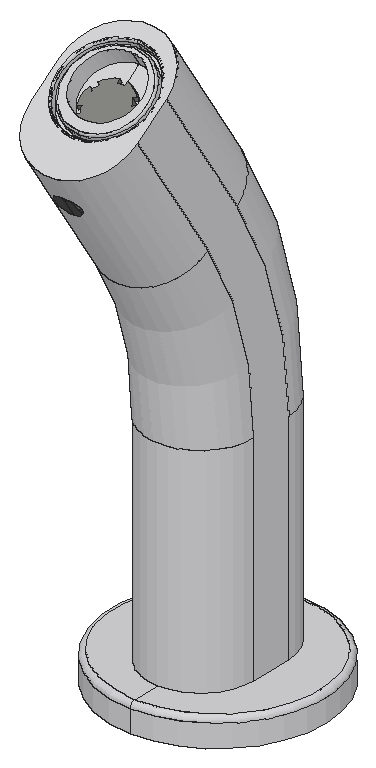
Revit family "Faucet_Touchless-Wall_Mount-Lavatory-KOHLER-Oblo-K-8398T_1", category Plumbing Fixtures, host Face, Revit 2021
Family settings
  Host = Face
  Round Connector Dimension = Use Diameter
  Part Type = Normal
  OmniClass Number = 23.31.11.00
  OmniClass Title = Faucets
  Cut with Voids When Loaded = No
  Shared = No
  Room Calculation Point = No
Parameters (values of type "Without Power Box, CP-Polished Chrome")
  Width = 2 73/256"  # constant formula
  WaterSense Certified = 1 = 0  # no
  Waste Water Outlet = "Waste Water Outlet"  # constant formula
  Waste Connection = 1 = 0  # no
  Voltage = 220 V  # constant formula
  Vent Connection = 1 = 0  # no
  URL = "http://www.kohler.com.cn/"
  Type = 1
  Spout Reach = 6 1/8"  # constant formula
  Product Page URL = "https://www.kohler.com.cn/product/K-8398T-NW/K-8398T-NW-CP/"
  Product Name = "Oblo"  # constant formula
  Product Documentation Link = "https://files.kohler.com.cn/pdfs/1655384257807_K-8398T-NW-CP.pdf"
  Pressure = 60.00 psi  # constant formula
  Model = if(Type = 1, "K-8398T-NW-CP", if(Type = 2, "K-8398T-CP", "NA"))  # "K-8398T-NW-CP"
  Material = "Brass Construction"  # constant formula
  Master Format 2014 Name = "Residential Faucets, Supplies, and Trim"  # constant formula
  Master Format 2014 = "22 41 39"  # constant formula
  Manufacturer Address = "Kohler Beijing Office (100016)36-2-03-B, No. 88, Liuxiang Road, Beijing"  # constant formula
  Manufacturer = "Kohler Co."  # constant formula
  Length = Spout Reach  # 6 1/8"
  Hot Water Inlet = "Hot Water Inlet"  # constant formula
  Height = 2 73/256"  # constant formula
  HW Connection = 1 = 0  # no
  Flow Rate = 0.5 GPM  # constant formula
  Finish = Kohler-Metal-CP-Polished_Chrome
  Environmental Product Declaration = ""
  Electrical Note = "One Dedicated Circuit Required"  # constant formula
  Electrical Connector = 1 = 1  # yes
  Drain Included = 1 = 1  # yes
  Description = if(or(Type = 1), "wall outlet faucet single cooling, 1.9 liters (without power box)", if(or(Type = 2), "Wall water sensor faucet AC (single cooled type with AC power box)", "NA"))  # "wall outlet faucet single cooling, 1.9 liters (without power box)"
  Default Elevation = 36"
  Declare Label = ""
  Date Modified = "12/08/2022"  # constant formula
  Date Created = "11/27/2020"  # constant formula
  Copyright = "Copyright Kohler Co."  # constant formula
  Contact Us = "http://www.kohler.com.cn/contact/contact-us/"
  Cold Water Inlet = "Cold Water Inlet"  # constant formula
  CW Connection = 1 = 1  # yes
  Assembly Code = "D2010"
  Apparent Load = 0 VA
  ADA Compliant = 1 = 0  # no
Types (3): name | Type | Product Page URL | Product Documentation Link | Model | Description
  (no name) | 1 | "https://www.kohler.com.cn/product/K-8398T-NW/K-8398T-NW-CP/" | "https://files.kohler.com.cn/pdfs/1655384257807_K-8398T-NW-CP.pdf" | "K-8398T-NW-CP" | "wall outlet faucet single cooling, 1.9 liters (without power box)"
  Without Power Box, CP-Polished Chrome | 1 | "https://www.kohler.com.cn/product/K-8398T-NW/K-8398T-NW-CP/" | "https://files.kohler.com.cn/pdfs/1655384257807_K-8398T-NW-CP.pdf" | "K-8398T-NW-CP" | "wall outlet faucet single cooling, 1.9 liters (without power box)"
  With Power Box, CP-Polished Chrome | 2 | "https://www.kohler.com.cn/product/K-8398T-CP/K-8398T-CP/" | "https://files.kohler.com.cn/pdfs/8396t_8398t.pdf" | "K-8398T-CP" | "Wall water sensor faucet AC (single cooled type with AC power box)"
Reference planes (in)
  plane 1 "Center (Front/Back)": y = 0
  plane 2: z = 0
  plane 3 "Center (Left/Right)": x = 0
  plane 4: y = -1.14173
  plane 5: y = 1.14342
  plane 6: x = 1.14342
  plane 7: x = -1.14173
  plane 8: y = -2.22255
  plane 9: through (0, 1.16019, 1.97958) normal (0, 0.8368, 0.5476)
  plane 10: z = 6.125
  plane 11: z = 6.57314
  plane 12: y = -1.56348
Dimensions and locks (in)
  "Width": plane 7 to plane 6
  "Height": plane 5 to plane 4
  "Length": plane 10 to level
  plane 11 to level = 6.57314"
  plane 1 "Center (Front/Back)" to plane 12 = 1.56348"
  aligned and locked: plane 2 to host face
  aligned and locked: level to host face
Automatic sketch dimensions
  host sketch curve to host sketch curve = 96"  (x2)
Nested families (in)
  nested 1: "K-8398T" at (0, 0, 0) x (1, 0, 0) z (0, 1, 0), type "K-8398T"
Connectors (in)
  piping at (0, 0, 0), diameter 0.375, driven by "Flow Rate", driven by "Pressure", driven by "CW Connection", driven by "Cold Water Inlet"
    settings: on nested 1, index 1, connector inside diameter 24", connector length 0", flow factor 0, pipe flow 0.5 GPM, pressure drop 60.00 psi, fitting loss kfactor 0, connector angle 0.00°, fixture units 0, engagement length 0", angle of deflection 0.00°, flow configuration 1, flow direction 1, fitting loss method 4, system type 20, joint type 0, gender type 0, connector reference index -1, connector utility 1, adjustable connector no, is connector primary yes, connector description "Cold Water Inlet"
  electrical at (0, 0.46752, 0), driven by "Voltage", driven by "Electrical Connector", driven by "Electrical Note"
    settings: on nested 1, index 2, voltage 220 V, apparent load 0 VA, apparent load phase1 0 VA, apparent load phase2 0 VA, apparent load phase3 0 VA, power factor 1, load classification "Power", number of poles 1, system type 30, power factor state 1, is connector primary yes, connector utility yes, sub classification motor no, connector description "One Dedicated Circuit Required"
Definition of nested family "K-8398T"
  Parameters (values of type "K-8398T")
    Material = none
    Default Elevation = 48"
  Reference planes (in)
    plane 1 "Center (Front/Back)": y = 0
    plane 2: z = 0
    plane 3 "Center (Left/Right)": x = 0
    plane 4: x = 1.14173
    plane 5: y = -6.14173
    plane 6: x = -1.14173
    plane 7: x = -0.55118
    plane 8: x = 0.55118
    plane 9: y = -6.29921
    plane 10: z = 1.14173
    plane 11: z = -1.14173
    plane 12: through (0, -6.11003, -1.54266) normal (0, 0.5476, -0.8368)
    plane 13: through (0, -5.73839, -1.12175) normal (0, -0.5476, 0.8368)
    plane 14: through (0, -5.71055, -2.22258) normal (0, 0.8368, 0.5476)
    plane 15: y = 0
    plane 16: y = -0.29528
    plane 17: z = 0
    plane 18: z = -2.22255
    plane 19: y = -6.57314
    plane 20: z = 0.46752
  Forms (in)
    Sweep 1, solid, material <- "Material", detail levels medium+fine
      path origin (0, 0, 0) x (0, 1, 0) y (0, 0, 1)
        loop
          line (-0.29528, 0) -> (-2.57852, 0)
          arc (-2.57852, 0) -> (-3.70326, -0.16408) -> (-4.73425, -0.64264) r 3.93701
          line (-4.73425, -0.64264) -> (-6.14173, -1.56365)
      profile origin (0, -1.4369, 0) x (0, 0, -1) y (1, 0, 0)
        loop
          line (0.22644, 0.56102) -> (-0.22686, 0.56102)
          arc (-0.22686, 0.56102) -> (-0.78788, 0) -> (-0.22686, -0.56102) r 0.56102
          line (-0.22686, -0.56102) -> (0.22644, -0.56102)
          arc (0.22644, -0.56102) -> (0.78746, 0) -> (0.22644, 0.56102) r 0.56102
    Revolve 2, void
      sketch origin (0, 0, 0) x (0, 1, 0) y (0, 0, 1)
        loop
          arc (-6.44585, -1.04195) -> (-6.46437, -1.0475) -> (-6.48296, -1.0422) r 0.03443
          line (-6.48296, -1.0422) -> (-6.51623, -1.06381) -> (-6.47341, -1.12975) -> (-6.4399, -1.10799)
          arc (-6.4399, -1.10799) -> (-6.43716, -1.08906) -> (-6.42467, -1.07456) r 0.03418
          line (-6.42467, -1.07456) -> (-6.3689, -1.03834) -> (-6.39008, -1.00573) -> (-6.44585, -1.04195)
        axis (-6.12512, -1.41372) -> (-6.24038, -1.48857)
      angle from 0 to 360
    Revolve 3, solid, material <- "Material", detail levels medium+fine
      sketch origin (0, 0, 0) x (0, 1, 0) y (0, 0, 1)
        loop
          line (0, 0) -> (0, 1.14173) -> (-0.23792, 1.14173)
          arc (-0.23792, 1.14173) -> (-0.27848, 1.12493) -> (-0.29528, 1.08438) r 0.05735
          line (-0.29528, 1.08438) -> (-0.29528, 0) -> (0, 0)
        axis (-0.29528, 0) -> (0, 0)
      angle from 0 to 360
    Revolve 4, void
      sketch origin (0, 0, 0) x (0, 1, 0) y (0, 0, 1)
        loop
          line (-6.25376, -1.03191) -> (-6.46371, -1.1693) -> (-6.26803, -1.46834) -> (-6.05808, -1.33095) -> (-6.25376, -1.03191)
        axis (-6.05808, -1.33095) -> (-6.26803, -1.46834)
      angle from 0 to 360
    Extrusion 5, solid, detail levels medium+fine
      sketch origin (0, -5.7309, -2.19148) x (0, 0.547556, -0.836769) y (-1, 0, 0)
        loop
          arc (-1.01265, 0.04012) -> (-1.01441, 0.00075) -> (-1.01265, -0.03862) r 0.44167
          line (-1.01265, -0.03862) -> (-1.05253, -0.03862)
          arc (-1.05253, -0.03862) -> (-1.01649, -0.13132) -> (-0.95422, -0.20889) r 0.32681
          line (-0.95422, -0.20889) -> (-0.93428, -0.17435)
          arc (-0.93428, -0.17435) -> (-0.90291, -0.19875) -> (-0.86609, -0.21372) r 0.14506
          line (-0.86609, -0.21372) -> (-0.88603, -0.24826)
          arc (-0.88603, -0.24826) -> (-0.78772, -0.26542) -> (-0.68942, -0.24826) r 0.29015
          line (-0.68942, -0.24826) -> (-0.70936, -0.21372)
          arc (-0.70936, -0.21372) -> (-0.67316, -0.19769) -> (-0.64117, -0.17435) r 0.18613
          line (-0.64117, -0.17435) -> (-0.62123, -0.20889)
          arc (-0.62123, -0.20889) -> (-0.54183, 0.00075) -> (-0.62123, 0.2104) r 0.31649
          line (-0.62123, 0.2104) -> (-0.64117, 0.17586)
          arc (-0.64117, 0.17586) -> (-0.67283, 0.19976) -> (-0.70936, 0.21523) r 0.16177
          line (-0.70936, 0.21523) -> (-0.68942, 0.24977)
          arc (-0.68942, 0.24977) -> (-0.78772, 0.26883) -> (-0.88603, 0.24977) r 0.26301
          line (-0.88603, 0.24977) -> (-0.86609, 0.21523)
          arc (-0.86609, 0.21523) -> (-0.90241, 0.1994) -> (-0.93428, 0.17586) r 0.1765
          line (-0.93428, 0.17586) -> (-0.95422, 0.2104)
          arc (-0.95422, 0.2104) -> (-1.018, 0.13371) -> (-1.05253, 0.04012) r 0.29455
          line (-1.05253, 0.04012) -> (-1.01265, 0.04012)
      from 0.13918 to 0.1967
    Revolve 6, solid, material <- "Material", detail levels coarse
      sketch origin (0, 0, 0) x (0, 1, 0) y (0, 0, 1)
        loop
          line (0, 0) -> (0, 1.16019) -> (-0.23853, 1.16019)
          arc (-0.23853, 1.16019) -> (-0.28674, 1.14022) -> (-0.30671, 1.09201) r 0.06818
          line (-0.30671, 1.09201) -> (-0.30671, 0) -> (0, 0)
        axis (-0.30671, 0) -> (0, 0)
      angle from 0 to 360
    Sweep 7, solid, material <- "Material", detail levels coarse
      path origin (0, 0, 0) x (0, 1, 0) y (0, 0, 1)
        loop
          line (-0.29528, 0.00021) -> (-2.28517, 0.00021)
          arc (-2.28517, 0.00021) -> (-3.6911, -0.20489) -> (-4.97984, -0.80309) r 4.92126
          line (-4.97984, -0.80309) -> (-6.14185, -1.56348)
      profile origin (0, -1.29022, 0.00021) x (0, 0, -1) y (1, 0, 0)
        loop
          line (-0.22665, -0.63976) -> (0.22665, -0.63976)
          arc (0.22665, -0.63976) -> (0.86641, 0) -> (0.22665, 0.63976) r 0.63976
          line (0.22665, 0.63976) -> (-0.22665, 0.63976)
          arc (-0.22665, 0.63976) -> (-0.86641, 0) -> (-0.22665, -0.63976) r 0.63976
    Extrusion 8, solid, material <- "Material", detail levels medium+fine
      sketch origin (0, 0, 0) x (1, 0, 0) y (0, 0, 1)
        loop
          circle (0, 0) r 0.11811
        loop
          circle (0, 0.46752) r 0.11811
      from 0 to 0.04129
    Revolve 9, void
      sketch origin (0, 0, 0) x (0, 1, 0) y (0, 0, 1)
        loop
          line (-5.5192, -1.93851) -> (-5.4102, -2.09418) -> (-5.29767, -2.01538) -> (-5.40667, -1.85971) -> (-5.5192, -1.93851)
        axis (-5.29767, -2.01538) -> (-5.40667, -1.85971)
      angle from 0 to 360
    Revolve 10, solid, detail levels medium+fine
      sketch origin (0, 0, 0) x (0, 1, 0) y (0, 0, 1)
        loop
          line (-5.5192, -1.93851) -> (-5.44009, -2.05149) -> (-5.32756, -1.97269) -> (-5.40667, -1.85971) -> (-5.5192, -1.93851)
        axis (-5.40667, -1.85971) -> (-5.32756, -1.97269)
      angle from 0 to 360
  Cuts and joins
    Revolve 2, Revolve 4, Revolve 9 cuts Sweep 1
    joined: Sweep 1, Revolve 3
    Revolve 2, Revolve 4 cuts Sweep 7
    joined: Revolve 6, Sweep 7
  Lines and regions (in)
    Masking region 1
      outline origin (0, 0, 0) x (1, 0, 0) y (0, 1, 0)
        loop
          line (-1.14173, 0) -> (-1.14173, -0.23622)
          arc (-1.14173, -0.23622) -> (-1.12444, -0.27798) -> (-1.08268, -0.29528) r 0.05906
          line (-1.08268, -0.29528) -> (-0.55118, -0.29528) -> (-0.55118, -5.9664)
          spline (-0.55118, -5.9664) -> (-0.5324, -6.12344) -> (-0.47734, -6.26977) -> (-0.38974, -6.39543) -> (-0.27559, -6.49185) -> (-0.14266, -6.55247) -> (0, -6.57314) -> (0.14266, -6.55247) -> (0.27559, -6.49185) -> (0.38974, -6.39543) -> (0.47734, -6.26977) -> (0.5324, -6.12344) -> (0.55118, -5.9664)
          line (0.55118, -5.9664) -> (0.55118, -0.29528) -> (1.08268, -0.29528)
          arc (1.08268, -0.29528) -> (1.12444, -0.27798) -> (1.14173, -0.23622) r 0.05906
          line (1.14173, -0.23622) -> (1.14173, 0) -> (-1.14173, 0)
    Masking region 2
      outline origin (0, 0, 0) x (1, 0, 0) y (0, 0, 1)
        loop
          arc (0.55118, -0.99988) -> (0, 1.14173) -> (-0.55118, -0.99988) r 1.14173
          line (-0.55118, -0.99988) -> (-0.55118, -1.67137)
          arc (-0.55118, -1.67137) -> (0, -2.22255) -> (0.55118, -1.67137) r 0.55118
          line (0.55118, -1.67137) -> (0.55118, -0.99988)
    Masking region 3
      outline origin (0, 0, 0) x (0, 1, 0) y (0, 0, 1)
        loop
          line (0, 1.14173) -> (-0.23607, 1.14173)
          arc (-0.23607, 1.14173) -> (-0.27794, 1.12439) -> (-0.29528, 1.08253) r 0.0592
          line (-0.29528, 1.08253) -> (-0.29528, 0.78788) -> (-2.61387, 0.78788)
          arc (-2.61387, 0.78788) -> (-3.92982, 0.59591) -> (-5.13608, 0.03599) r 4.6063
          line (-5.13608, 0.03599) -> (-6.57314, -0.90438) -> (-5.71055, -2.22258) -> (-4.32258, -1.31433)
          arc (-4.32258, -1.31433) -> (-3.47732, -0.92198) -> (-2.5552, -0.78746) r 3.22776
          line (-2.5552, -0.78746) -> (-0.29528, -0.78746) -> (-0.29528, -1.08122)
          arc (-0.29528, -1.08122) -> (-0.27755, -1.12401) -> (-0.23476, -1.14173) r 0.06051
          line (-0.23476, -1.14173) -> (0, -1.14173) -> (0, 1.14173)
    symbolic lines, detail levels medium+fine
      curve 1: line (-0.55118, -0.29528, 0) -> (0.56102, -0.29528, 0)
      curve 2: line (-1.14173, -0.23622, 0) -> (1.14173, -0.23622, 0)
      curve 3: line (0, -0.29528, 0.78788) -> (0, -0.29528, -0.78746)
      curve 4: line (0, -0.23607, 1.14173) -> (0, -0.23607, -1.14172)
      curve 5: arc (-0.55118, 0, 0.12223) -> (0, 0, 0.78788) -> (0.55118, 0, 0.12223) r 0.56102
      curve 6: spline (0.55118, 0, -1.28628) -> (0.51269, 0, -1.18321) -> (0.44708, 0, -1.09022) -> (0.35781, 0, -1.01225) -> (0.2496, 0, -0.9534) -> (0.12819, 0, -0.9168) -> (0, 0, -0.90438) -> (-0.12819, 0, -0.9168) -> (-0.2496, 0, -0.9534) -> (-0.35781, 0, -1.01225) -> (-0.44708, 0, -1.09022) -> (-0.51269, 0, -1.18321) -> (-0.55118, 0, -1.28628)
      curve 7: spline (0, 0, -1.04132) -> (0.13029, 0, -1.05634) -> (0.25155, 0, -1.09895) -> (0.35559, 0, -1.16628) -> (0.43537, 0, -1.25377) -> (0.48551, 0, -1.35551) -> (0.5026, 0, -1.46463) -> (0.48551, 0, -1.57375) -> (0.43537, 0, -1.6755) -> (0.35559, 0, -1.76299) -> (0.25155, 0, -1.83032) -> (0.13029, 0, -1.87293) -> (0, 0, -1.88795)
      curve 8: spline (0, 0, -1.82564) -> (0.11142, 0, -1.81394) -> (0.21537, 0, -1.77841) -> (0.30472, 0, -1.7215) -> (0.37333, 0, -1.64711) -> (0.41647, 0, -1.56036) -> (0.43119, 0, -1.46721) -> (0.41647, 0, -1.37406) -> (0.37333, 0, -1.2873) -> (0.30472, 0, -1.21292) -> (0.21537, 0, -1.156) -> (0.11142, 0, -1.12047) -> (0, 0, -1.10877)
      curve 9: spline (0, 0, -1.10877) -> (-0.11142, 0, -1.12047) -> (-0.21537, 0, -1.156) -> (-0.30472, 0, -1.21292) -> (-0.37333, 0, -1.2873) -> (-0.41647, 0, -1.37406) -> (-0.43119, 0, -1.46721) -> (-0.41647, 0, -1.56036) -> (-0.37333, 0, -1.64711) -> (-0.30472, 0, -1.7215) -> (-0.21537, 0, -1.77841) -> (-0.11142, 0, -1.81394) -> (0, 0, -1.82564)
      curve 10: spline (-0.24977, 0, -1.5215) -> (-0.25554, 0, -1.53469) -> (-0.2603, 0, -1.54817) -> (-0.26402, 0, -1.56187) -> (-0.26669, 0, -1.57574) -> (-0.2683, 0, -1.58972) -> (-0.26883, 0, -1.60376) -> (-0.2683, 0, -1.61781) -> (-0.26669, 0, -1.63179) -> (-0.26402, 0, -1.64566) -> (-0.2603, 0, -1.65936) -> (-0.25554, 0, -1.67283) -> (-0.24977, 0, -1.68602)
      curve 11: line (-0.24977, 0, -1.68602) -> (-0.21523, 0, -1.66934)
      curve 12: spline (-0.21523, 0, -1.66934) -> (-0.21328, 0, -1.67464) -> (-0.21108, 0, -1.67987) -> (-0.20862, 0, -1.68502) -> (-0.20591, 0, -1.69008) -> (-0.20295, 0, -1.69505) -> (-0.19976, 0, -1.6999) -> (-0.19633, 0, -1.70465) -> (-0.19267, 0, -1.70927) -> (-0.18878, 0, -1.71377) -> (-0.18468, 0, -1.71812) -> (-0.18037, 0, -1.72234) -> (-0.17586, 0, -1.7264)
      curve 13: line (-0.17586, 0, -1.7264) -> (-0.2104, 0, -1.74308)
      curve 14: spline (-0.2104, 0, -1.74308) -> (-0.18033, 0, -1.76276) -> (-0.14765, 0, -1.77926) -> (-0.11284, 0, -1.79235) -> (-0.0764, 0, -1.80184) -> (-0.03885, 0, -1.80759) -> (-0.00075, 0, -1.80952) -> (0.03734, 0, -1.80759) -> (0.07489, 0, -1.80184) -> (0.11133, 0, -1.79235) -> (0.14615, 0, -1.77926) -> (0.17882, 0, -1.76276) -> (0.20889, 0, -1.74308)
      curve 15: line (0.20889, 0, -1.74308) -> (0.17435, 0, -1.7264)
      curve 16: spline (0.17435, 0, -1.7264) -> (0.17871, 0, -1.72224) -> (0.18288, 0, -1.71795) -> (0.18687, 0, -1.71354) -> (0.19067, 0, -1.70901) -> (0.19428, 0, -1.70437) -> (0.19769, 0, -1.69963) -> (0.20089, 0, -1.69479) -> (0.20388, 0, -1.68986) -> (0.20667, 0, -1.68484) -> (0.20924, 0, -1.67975) -> (0.21159, 0, -1.67458) -> (0.21372, 0, -1.66934)
      curve 17: line (0.21372, 0, -1.66934) -> (0.24826, 0, -1.68602)
      curve 18: spline (0.24826, 0, -1.68602) -> (0.25347, 0, -1.67274) -> (0.25775, 0, -1.65922) -> (0.2611, 0, -1.64552) -> (0.2635, 0, -1.63168) -> (0.26494, 0, -1.61774) -> (0.26542, 0, -1.60376) -> (0.26494, 0, -1.58978) -> (0.2635, 0, -1.57585) -> (0.2611, 0, -1.56201) -> (0.25775, 0, -1.54831) -> (0.25347, 0, -1.53479) -> (0.24826, 0, -1.5215)
      curve 19: line (0.24826, 0, -1.5215) -> (0.21372, 0, -1.53819)
      curve 20: spline (0.21372, 0, -1.53819) -> (0.21194, 0, -1.53283) -> (0.20987, 0, -1.52755) -> (0.20751, 0, -1.52235) -> (0.20486, 0, -1.51725) -> (0.20194, 0, -1.51226) -> (0.19875, 0, -1.50738) -> (0.1953, 0, -1.50263) -> (0.19159, 0, -1.49802) -> (0.18763, 0, -1.49355) -> (0.18343, 0, -1.48924) -> (0.179, 0, -1.4851) -> (0.17435, 0, -1.48113)
      curve 21: line (0.17435, 0, -1.48113) -> (0.20889, 0, -1.46444)
      curve 22: spline (0.20889, 0, -1.46444) -> (0.19734, 0, -1.45442) -> (0.1852, 0, -1.4449) -> (0.17249, 0, -1.43591) -> (0.15925, 0, -1.42747) -> (0.14552, 0, -1.41961) -> (0.13132, 0, -1.41234) -> (0.1167, 0, -1.40569) -> (0.1017, 0, -1.39967) -> (0.08635, 0, -1.39429) -> (0.07069, 0, -1.38958) -> (0.05477, 0, -1.38554) -> (0.03862, 0, -1.38218)
      curve 23: line (0.03862, 0, -1.38218) -> (0.03862, 0, -1.41555)
      curve 24: spline (0.03862, 0, -1.41555) -> (0.03207, 0, -1.4151) -> (0.02551, 0, -1.41474) -> (0.01895, 0, -1.41445) -> (0.01238, 0, -1.41424) -> (0.00582, 0, -1.41412) -> (-0.00075, 0, -1.41408) -> (-0.00732, 0, -1.41412) -> (-0.01389, 0, -1.41424) -> (-0.02046, 0, -1.41445) -> (-0.02702, 0, -1.41474) -> (-0.03358, 0, -1.4151) -> (-0.04012, 0, -1.41555)
      curve 25: line (-0.04012, 0, -1.41555) -> (-0.04012, 0, -1.38218)
      curve 26: spline (-0.04012, 0, -1.38218) -> (-0.05645, 0, -1.38512) -> (-0.07256, 0, -1.38883) -> (-0.08839, 0, -1.39329) -> (-0.10389, 0, -1.3985) -> (-0.11901, 0, -1.40443) -> (-0.13371, 0, -1.41107) -> (-0.14793, 0, -1.4184) -> (-0.16163, 0, -1.42639) -> (-0.17477, 0, -1.43502) -> (-0.18731, 0, -1.44426) -> (-0.19919, 0, -1.45408) -> (-0.2104, 0, -1.46444)
      curve 27: line (-0.2104, 0, -1.46444) -> (-0.17586, 0, -1.48113)
      curve 28: spline (-0.17586, 0, -1.48113) -> (-0.18027, 0, -1.48525) -> (-0.1845, 0, -1.48952) -> (-0.18853, 0, -1.49391) -> (-0.19236, 0, -1.49842) -> (-0.19598, 0, -1.50306) -> (-0.1994, 0, -1.5078) -> (-0.2026, 0, -1.51264) -> (-0.20558, 0, -1.51759) -> (-0.20834, 0, -1.52262) -> (-0.21087, 0, -1.52774) -> (-0.21317, 0, -1.53293) -> (-0.21523, 0, -1.53819)
      curve 29: line (-0.21523, 0, -1.53819) -> (-0.24977, 0, -1.5215)
      curve 30: line (-0.55118, 0, -0.99988) -> (-0.55118, 0, 0.12223)
      curve 31: line (0.55118, 0, -0.99988) -> (0.55118, 0, 0.12223)
      curve 32: spline (0, 0, -1.04132) -> (-0.13029, 0, -1.05634) -> (-0.25155, 0, -1.09895) -> (-0.35559, 0, -1.16628) -> (-0.43537, 0, -1.25377) -> (-0.48551, 0, -1.35551) -> (-0.5026, 0, -1.46463) -> (-0.48551, 0, -1.57375) -> (-0.43537, 0, -1.6755) -> (-0.35559, 0, -1.76299) -> (-0.25155, 0, -1.83032) -> (-0.13029, 0, -1.87293) -> (0, 0, -1.88795)
      curve 33: line (0, -0.29528, 0.3937) -> (0, -2.31923, 0.3937)
      curve 34: line (0, -6.38513, -1.19169) -> (0, -5.33726, -0.506)
      curve 35: line (0, -5.89856, -1.93526) -> (0, -4.52485, -1.03634)
      curve 36: line (0, -0.29528, -0.3937) -> (0, -2.36911, -0.3937)
      curve 37: arc (0, -2.31923, 0.3937) -> (0, -3.89387, 0.16399) -> (0, -5.33726, -0.506) r 5.51181
      curve 38: arc (0, -2.36911, -0.3937) -> (0, -3.49385, -0.55778) -> (0, -4.52485, -1.03634) r 3.93701
      curve 39: arc (0.03862, 0, -1.38218) -> (-0.00075, 0, -1.37856) -> (-0.04012, 0, -1.38218) r 0.21596
      curve 40: arc (0.24826, 0, -1.5215) -> (0.23318, 0, -1.4898) -> (0.20889, 0, -1.46444) r 0.11026
      curve 41: arc (0.24826, 0, -1.68602) -> (0.23321, 0, -1.71775) -> (0.20889, 0, -1.74308) r 0.10952
      curve 42: arc (-0.2104, 0, -1.74308) -> (-0.23155, 0, -1.71557) -> (-0.24977, 0, -1.68602) r 0.33832
      curve 43: arc (-0.2104, 0, -1.46444) -> (-0.23298, 0, -1.49097) -> (-0.24977, 0, -1.5215) r 0.17245
      curve 44: line (0.03862, 0, -1.80746) -> (0.03862, 0, -1.77352)
      curve 45: spline (0.03862, 0, -1.77352) -> (0.03207, 0, -1.77397) -> (0.02551, 0, -1.77434) -> (0.01895, 0, -1.77462) -> (0.01238, 0, -1.77483) -> (0.00582, 0, -1.77495) -> (-0.00075, 0, -1.77499) -> (-0.00732, 0, -1.77495) -> (-0.01389, 0, -1.77483) -> (-0.02046, 0, -1.77462) -> (-0.02702, 0, -1.77434) -> (-0.03358, 0, -1.77397) -> (-0.04012, 0, -1.77352)
      curve 46: line (-0.04012, 0, -1.77352) -> (-0.04012, 0, -1.80746)
      curve 47: arc (0.55118, 0, -0.90419) -> (0, 0, 1.05894) -> (-0.55118, 0, -0.90419) r 1.05894
      curve 48: arc (-0.0662, -6.12352, 0) -> (0.00037, -6.14873, 0) -> (0.06799, -6.12646, 0) r 0.10672
      curve 49: arc (-0.11753, -6.19838, 0) -> (0, -6.23798, 0) -> (0.11776, -6.19904, 0) r 0.19584
      curve 50: line (-0.02769, -6.05524, 0) -> (0.02736, -6.05524, 0)
      curve 51: line (-0.02769, -6.10367, 0) -> (-0.02769, -6.05524, 0)
      curve 52: line (0.02736, -6.10367, 0) -> (-0.02769, -6.10367, 0)
      curve 53: line (0.02736, -6.05524, 0) -> (0.02736, -6.10367, 0)
      curve 54: line (-0.0662, -6.12352, 0) -> (-0.08332, -6.14849, 0)
      curve 55: line (0.06799, -6.12646, 0) -> (0.08524, -6.15162, 0)
      curve 56: arc (-0.13554, -6.22464, 0) -> (0, -6.27305, 0) -> (0.13579, -6.22534, 0) r 0.21552
      curve 57: arc (-0.08332, -6.14849, 0) -> (0.00036, -6.18226, 0) -> (0.08524, -6.15162, 0) r 0.1264
      curve 58: line (-0.11753, -6.19838, 0) -> (-0.13554, -6.22464, 0)
      curve 59: line (0.11776, -6.19904, 0) -> (0.13579, -6.22534, 0)
      curve 60: arc (-0.06178, 0, -0.63492) -> (-0.00067, 0, -0.64375) -> (0.05997, 0, -0.63206) r 0.18572
      curve 61: arc (-0.10916, 0, -0.67566) -> (0, 0, -0.7012) -> (0.10906, 0, -0.67522) r 0.24389
      curve 62: line (-0.01861, 0, -0.59033) -> (0.01829, 0, -0.59033)
      curve 63: line (-0.01861, 0, -0.62356) -> (-0.01861, 0, -0.59033)
      curve 64: line (0.01829, 0, -0.62356) -> (-0.01861, 0, -0.62356)
      curve 65: line (0.01829, 0, -0.59033) -> (0.01829, 0, -0.62356)
      curve 66: line (-0.06178, 0, -0.63492) -> (-0.08057, 0, -0.66139)
      curve 67: line (0.05997, 0, -0.63206) -> (0.07843, 0, -0.65807)
      curve 68: arc (-0.12703, 0, -0.70084) -> (0, 0, -0.73319) -> (0.1269, 0, -0.70036) r 0.26358
      curve 69: arc (-0.08057, 0, -0.66139) -> (-0.00074, 0, -0.67575) -> (0.07843, 0, -0.65807) r 0.20541
      curve 70: line (-0.10916, 0, -0.67566) -> (-0.12703, 0, -0.70084)
      curve 71: line (0.10906, 0, -0.67522) -> (0.1269, 0, -0.70036)
  Dimensions and locks (in)
    plane 19 to plane 1 "Center (Front/Back)" = 6.57314"
    aligned and locked: level to plane 2
